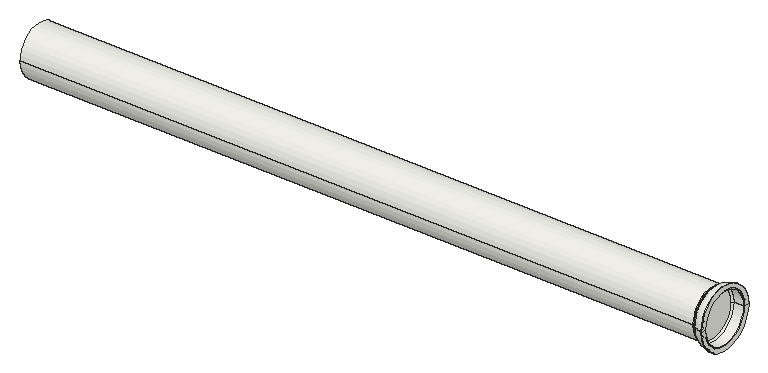
Revit family "FoFo_PB_Tubo", category Pipe Fittings, Revit 2025
Family settings
  Round Connector Dimension = Use Radius
  Part Type = Union
  OmniClass Number = 23.60.30.11.14
  OmniClass Title = Pipework Fittings
  Work Plane-Based = Yes
  Always vertical = No
  Cut with Voids When Loaded = No
  Shared = Yes
Parameters (values of type "TUPB_K7_0400")
  Material_Conexao = FOFO
  Manufacturer = "SGC"
  Loss Method = 1
  K Coefficient Table = "Tee"
  Junta_1_Tipo = FoFo_BO_Junta : JGS_0400
  Description = "Tubo Ponta e Bolsa K7"
  Default Elevation = 0.0 mm
  DN = "400"
  Corpo_L [instance] = 6000.0 mm
  Corpo_RE1 = 0.5 * Corpo_DE  # 214.5 mm
  Corpo_DE = 429.0 mm
Reference planes
  plane 1 "EixoP": y = 0
  plane 2: z = 0
  plane 3 "EixoS": x = 468.25
  plane 4 "EE": x = -2531.75
  plane 5 "ED": x = 3468.25
Forms (mm)
  Sweep 1, solid, material "FOFO"
    path origin (0, 0, 0) x (1, 0, 0) y (0, 1, 0)
      loop
        line (-2531.75, 0) -> (3468.25, 0)
    profile origin (468.25, 0, 0) x (0, 1, 0) y (0, 0, 1)
      loop
        circle (0, 0) r 214.5
Dimensions and locks
  "Corpo_L": plane 4 "EE" to plane 5 "ED"
  equal spacing: plane 4 "EE", plane 3 "EixoS", plane 5 "ED"
  "Corpo_RE1": radius of Sweep 1 sketch curve
  aligned and locked: Sweep 1 sketch curve to plane 1 "EixoP"
  aligned and locked: plane 5 "ED" to Sweep 1 sketch curve
  aligned and locked: plane 4 "EE" to Sweep 1 sketch curve
  aligned and locked: nested 1 to Sweep 1
Automatic sketch dimensions
  Sweep 1 sketch curve to level = 0.0 mm
  Sweep 1 sketch curve to profile plane = 0.0 mm
Nested families
  nested 1: "FoFo_BO_Junta" at (850, 0, 0), type <- "Junta_1_Tipo", type "JGS_0400"
Connectors
  piping at (3468.25, 0, 0), diameter 429, driven by "Corpo_RE1"
    settings: on Sweep 1, index 1, connector inside diameter 24", connector length 0.0 mm, flow factor 0, pipe flow 0 GPM, pressure drop 0.00 psi, fitting loss kfactor 0, connector angle 0.00°, fixture units 0, engagement length 0.0 mm, angle of deflection 0.00°, flow configuration 0, flow direction 0, fitting loss method 0, system type 7, joint type 0, gender type 0, connector reference index -1, connector utility 0, adjustable connector yes, is connector primary yes, connector description ""
  piping at (-2531.75, 0, 0), diameter 429, driven by "Corpo_RE1"
    settings: on Sweep 1, index 2, connector inside diameter 24", connector length 0.0 mm, flow factor 0, pipe flow 0 GPM, pressure drop 0.00 psi, fitting loss kfactor 0, connector angle 0.00°, fixture units 0, engagement length 0.0 mm, angle of deflection 0.00°, flow configuration 0, flow direction 0, fitting loss method 0, system type 7, joint type 0, gender type 0, connector reference index -1, connector utility 0, adjustable connector yes, is connector primary no, connector description ""
Definition of nested family "FoFo_BO_Junta"
  Parameters (values of type "JGS_0400")
    Manufacturer = "SGC"
    Loss Method = 1
    K Coefficient Table = "Tee"
    Description = "Bolsas JGS - JTI - JTE"
    Default Elevation = 0.0 mm
    DN = "400"
    Bolsa_RL = 0.5 * Bolsa_DL  # 200.0 mm
    Material_Conexao = none
    Bolsa_DL = 400.0 mm
    Bolsa_Borde3 = Bolsa_Borde1 * 1.1  # 7.7 mm
    Bolsa_Borde1 = 7.0 mm
    Bolsa_RI = 0.5 * Bolsa_DI  # 216.0 mm
    Bolsa_RE = 0.5 * Bolsa_DE  # 214.5 mm
    Bolsa_RB = 0.5 * Bolsa_DB  # 258.5 mm
    Bolsa_Borde2 = Bolsa_Borde1 * 2  # 14.0 mm
    Bolsa_P = 112.0 mm
    Bolsa_E2 = 0.5 * Bolsa_E  # 3.0 mm
    Bolsa_E = 6.0 mm
    Bolsa_DI = 432.0 mm
    Bolsa_DE = 429.0 mm
    Bolsa_DB = 517.0 mm
  Types (16, lengths in mm): name | DN | Bolsa_RL | Bolsa_DL | Bolsa_RI | Bolsa_RE | Bolsa_RB | Bolsa_P | Bolsa_DI | Bolsa_DE | Bolsa_DB
    JGS_1200 | "1200" | 600.0 | 1200.0 | 629.0 | 627.5 | 706.0 | 167.0 | 1258.0 | 1255.0 | 1412.0
    JGS_1000 | "1000" | 500.0 | 1000.0 | 525.5 | 524.0 | 595.5 | 157.0 | 1051.0 | 1048.0 | 1191.0
    JGS_0900 | "900" | 450.0 | 900.0 | 474.0 | 472.5 | 541.0 | 147.0 | 948.0 | 945.0 | 1082.0
    JGS_0800 | "800" | 400.0 | 800.0 | 422.5 | 421.0 | 487.0 | 147.0 | 845.0 | 842.0 | 974.0
    JGS_0700 | "700" | 350.0 | 700.0 | 370.5 | 369.0 | 431.5 | 147.0 | 741.0 | 738.0 | 863.0
    JGS_0600 | "600" | 300.0 | 600.0 | 319.0 | 317.5 | 369.5 | 122.0 | 638.0 | 635.0 | 739.0
    JGS_0500 | "500" | 250.0 | 500.0 | 267.5 | 266.0 | 315.0 | 117.0 | 535.0 | 532.0 | 630.0
    JGS_0450 | "450" | 225.0 | 450.0 | 241.5 | 240.0 | 287.5 | 115.0 | 483.0 | 480.0 | 575.0
    JGS_0400 | "400" | 200.0 | 400.0 | 216.0 | 214.5 | 258.5 | 112.0 | 432.0 | 429.0 | 517.0
    JGS_0350 | "350" | 175.0 | 350.0 | 190.5 | 189.0 | 232.5 | 110.0 | 381.0 | 378.0 | 465.0
    JGS_0300 | "300" | 150.0 | 300.0 | 164.5 | 163.0 | 205.0 | 107.0 | 329.0 | 326.0 | 410.0
    JGS_0250 | "250" | 125.0 | 250.0 | 138.5 | 137.0 | 176.5 | 105.0 | 277.0 | 274.0 | 353.0
    JGS_0200 | "200" | 100.0 | 200.0 | 112.5 | 111.0 | 148.0 | 106.0 | 225.0 | 222.0 | 296.0
    JGS_0150 | "150" | 75.0 | 150.0 | 86.5 | 85.0 | 121.5 | 100.0 | 173.0 | 170.0 | 243.0
    JGS_0100 | "100" | 50.0 | 100.0 | 60.5 | 59.0 | 94.5 | 94.0 | 121.0 | 118.0 | 189.0
    JGS_0080 | "80" | 40.0 | 80.0 | 50.5 | 49.0 | 84.0 | 92.0 | 101.0 | 98.0 | 168.0
  Reference planes
    plane 1 "EixoP": y = 0
    plane 2: z = 0
    plane 3 "EixoS": x = 2618.25
    plane 4: x = 2730.25
    plane 5: y = 258.5
    plane 6: y = 216
    plane 7: y = 214.5
    plane 8: y = 200
  Forms (mm)
    Revolve 1, solid, material <- "Material_Conexao"
      sketch origin (-3000, 0, 0) x (1, 0, 0) y (0, 1, 0)
        loop
          arc (5716.25, 250.8) -> (5670.117, 241.457) -> (5628.857, 218.804) r 156.302
          line (5628.857, 218.804) -> (5618.25, 214.5) -> (5618.25, 200.5) -> (5623.25, 200.5) -> (5633.25, 216) -> (5725.25, 216) -> (5730.25, 221) -> (5730.25, 258.5) -> (5723.25, 258.5) -> (5716.25, 250.8)
        axis (5618.25, 0) -> (5730.25, 0)
      angle from 0 to 360
  Lines and regions (mm)
    model lines, detail levels coarse
      curve 1: line (2618.25, 0, 0) -> (2648.25, 0, 0)
      curve 2: arc (2698.25, 50, 0) -> (2648.25, 0, 0) -> (2698.25, -50, 0) r 50
  Dimensions and locks
    "Bolsa_Borde1": Revolve 1 sketch curve to Revolve 1 sketch curve
    "Bolsa_Borde2": Revolve 1 sketch curve to Revolve 1 sketch curve
    "Bolsa_Borde3": Revolve 1 sketch curve to Revolve 1 sketch curve
    "Bolsa_P": plane 3 "EixoS" to Revolve 1 sketch curve
    "Bolsa_P": plane 4 to plane 3 "EixoS"
    "Bolsa_RB": plane 5 to plane 1 "EixoP"
    "Bolsa_RI": plane 6 to plane 1 "EixoP"
    "Bolsa_RE": plane 7 to plane 1 "EixoP"
    "Bolsa_RL": plane 8 to plane 1 "EixoP"
    aligned and locked: Revolve 1 sketch curve to plane 1 "EixoP"
    aligned and locked: Revolve 1 sketch curve to plane 5
    aligned and locked: plane 6 to Revolve 1 sketch curve
  Automatic sketch dimensions
    curve 1 to plane 1 "EixoP" = 0.0 mm
    curve 1 to plane 3 "EixoS" = 0.0 mm
    plane 1 "EixoP" to curve 2 = 0.0 mm
    plane 3 "EixoS" to curve 2 = 80.0 mm
    plane 3 "EixoS" to curve 1 = 30.0 mm
    Revolve 1 sketch curve to plane 3 "EixoS" = 0.0 mm  (x2)
    Revolve 1 sketch curve to plane 7 = 0.0 mm
    plane 8 to Revolve 1 sketch curve = 0.5 mm
    plane 3 "EixoS" to Revolve 1 sketch curve = 5.0 mm
    plane 6 to Revolve 1 sketch curve = 2.804 mm
    plane 3 "EixoS" to Revolve 1 sketch curve = 10.607 mm
    Revolve 1 sketch curve to Revolve 1 sketch curve = 4.393 mm
    Revolve 1 sketch curve to plane 4 = 6.397 mm
    Revolve 1 sketch curve to plane 4 = 5.0 mm
    plane 6 to Revolve 1 sketch curve = 5.0 mm
    plane 4 to Revolve 1 sketch curve = 9.153 mm
